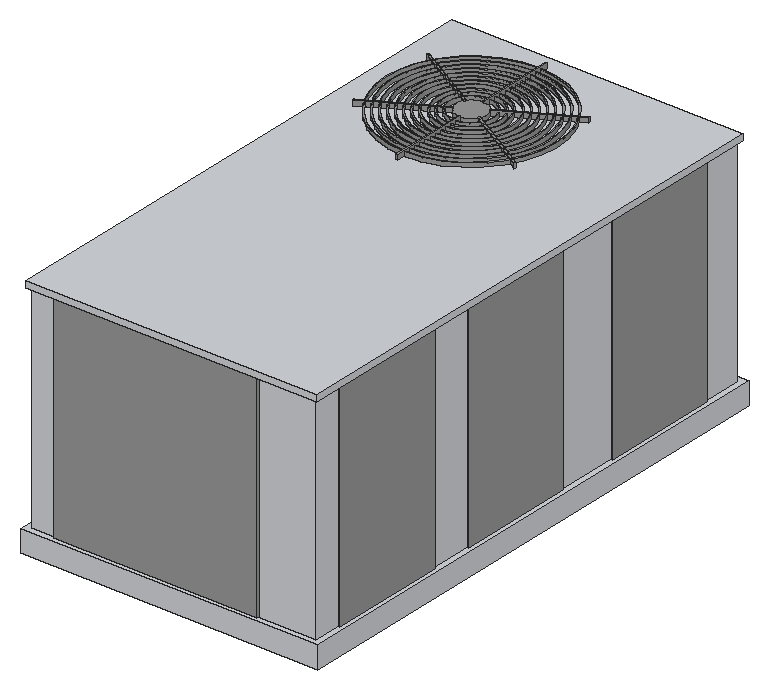
Revit family "RTU-2", category Mechanical Equipment, host Face, Revit 2025
Family settings
  Host = Face
  Round Connector Dimension = Use Diameter
  Classification = None
  Part Type = Normal
  Cut with Voids When Loaded = No
  Maintain Annotation Orientation = No
  Shared = No
  Room Calculation Point = No
Parameters (values of type "LCH 072 H4E E 1Y")
  Width = 47"
  URL = "https://tech.lennoxintl.com/C03e7o14l/VIu12Ch2uV/ehb_lch_abox_2103.pdf"
  Model = "LCH 072 H4E E 1Y"
  Manufacturer = "LENNOX"
  Length = 85 1/4"
  Grill Material = Steel, Paint Finish, Dark Gray
  Default Elevation = 48"
Reference planes (in)
  plane 1 "Center (Front/Back)": y = 0
  plane 2: z = 0
  plane 3 "Center (Left/Right)": x = 0
  plane 4: x = -30.90625
  plane 5: x = -31.90625
  plane 6: x = -32.90625
  plane 7: x = -33.90625
  plane 8: x = -34.90625
  plane 9: x = -35.90625
  plane 10: x = -36.90625
  plane 11: x = -37.90625
  plane 12: x = -38.90625
  plane 13: x = -39.90625
  plane 14: x = -40.90625
  plane 15: x = -42.34375
  plane 16: x = -41.03125
  plane 17: x = -41.90625
  plane 18: x = -41.90567
  plane 19: y = 22.75058
  plane 20: y = 21.75058
  plane 21: y = 20.75058
  plane 22: y = 19.75058
  plane 23: y = 18.75058
  plane 24: y = 17.75058
  plane 25: y = 16.75058
  plane 26: y = 15.75058
  plane 27: y = 14.75058
  plane 28: y = 13.75058
  plane 29: y = 12.75058
  plane 30: y = 11.31308
  plane 31: y = 12.62558
  plane 32: y = 11.75058
  plane 33: y = 11.75117
  plane 34: through (-19.01548, 19.50279, 94.70355) normal (0.866, 0.5, 0)
  plane 35: through (-17.13782, 18.87558, 94.70355) normal (-0.866, -0.5, 0)
  plane 36: through (6.39048, 19.50279, 94.70355) normal (0.866, -0.5, 0)
  plane 37: through (4.51282, 18.87558, 94.70355) normal (-0.866, 0.5, 0)
  plane 38: y = 38.93808
  plane 39: y = 37.62558
  plane 40: through (-19.01548, 30.74838, 94.70355) normal (-0.866, 0.5, 0)
  plane 41: through (-17.13782, 31.37558, 94.70355) normal (0.866, -0.5, 0)
  plane 42: through (6.39048, 30.74838, 94.70355) normal (-0.866, -0.5, 0)
  plane 43: through (4.51282, 31.37558, 94.70355) normal (0.866, 0.5, 0)
  plane 44: through (-34.15405, 50.35923, 110.75) normal (0.5, -0.866, 0)
  plane 45: through (-34.78125, 48.48157, 110.75) normal (-0.5, 0.866, 0)
  plane 46: through (-34.15405, 24.95327, 110.75) normal (-0.5, -0.866, 0)
  plane 47: through (-34.78125, 26.83093, 110.75) normal (0.5, 0.866, 0)
  plane 48: x = -14.71875
  plane 49: x = -16.03125
  plane 50: through (-22.90845, 50.35923, 110.75) normal (0.5, 0.866, 0)
  plane 51: through (-22.28125, 48.48157, 110.75) normal (-0.5, -0.866, 0)
  plane 52: through (-22.90845, 24.95327, 110.75) normal (-0.5, 0.866, 0)
  plane 53: through (-22.28125, 26.83093, 110.75) normal (0.5, -0.866, 0)
  plane 54: y = 16.875
  plane 55: x = 14
  plane 56: y = -16.125
  plane 57: x = 16.875
  plane 58: y = -0.75
  plane 59: x = -8.5
  plane 60: y = -32.875
  plane 61: x = -4
Forms (in)
  Extrusion 1, solid
    sketch origin (0, 0, 0) x (1, 0, 0) y (0, 1, 0)
      loop
        line (-23.5, 42.625) -> (-23.5, -42.625) -> (23.5, -42.625) -> (23.5, 42.625) -> (-23.5, 42.625)
    from 0 to 3.5
  Extrusion 2, solid, material "Steel, Paint Finish, Dark Gray" <- "Grill Material", not visible
    sketch origin (0, 0, 54.625) x (1, 0, 0) y (0, 1, 0)
      loop
        circle (-28.53125, 37.65625) r 2.375
      loop
        circle (-28.53125, 37.65625) r 3.375
      loop
        circle (-28.53125, 37.65625) r 3.5
      loop
        circle (-28.53125, 37.65625) r 4.375
      loop
        circle (-28.53125, 37.65625) r 5.25
      loop
        circle (-28.53125, 37.65625) r 4.5
      loop
        circle (-28.53125, 37.65625) r 5.375
      loop
        circle (-28.53125, 37.65625) r 6.375
      loop
        circle (-28.53125, 37.65625) r 7.375
      loop
        circle (-28.53125, 37.65625) r 9.375
      loop
        circle (-28.53125, 37.65625) r 10.375
      loop
        circle (-28.53125, 37.65625) r 11.375
      loop
        circle (-28.53125, 37.65625) r 12.375
      loop
        circle (-28.53125, 37.65625) r 12.5
      loop
        circle (-28.53125, 37.65625) r 7.5
      loop
        circle (-28.53125, 37.65625) r 9.5
      loop
        circle (-28.53125, 37.65625) r 10.5
      loop
        circle (-28.53125, 37.65625) r 11.5
      loop
        circle (-28.53125, 37.65625) r 8.375
      loop
        circle (-28.53125, 37.65625) r 8.5
      loop
        circle (-28.53125, 37.65625) r 6.5
      loop
        circle (-28.53125, 37.65625) r 13.375
      loop
        circle (-28.53125, 37.65625) r 13.5
    from 0 to 0.625
  Extrusion 3, solid, material "Steel, Paint Finish, Dark Gray" <- "Grill Material", not visible
    sketch origin (0, 0, 55.75) x (1, 0, 0) y (0, 1, 0)
      loop
        line (-43.28067, 37.78125) -> (-43.28067, 37.53125) -> (-30.90296, 37.53125)
        arc (-30.90296, 37.53125) -> (-30.90543, 37.59373) -> (-30.90625, 37.65625) r 2.375
        arc (-30.90625, 37.65625) -> (-30.90543, 37.71877) -> (-30.90296, 37.78125) r 2.375
        line (-30.90296, 37.78125) -> (-43.28067, 37.78125)
    from -1.125 to -0.3427
  Extrusion 4, solid, material "Steel, Paint Finish, Dark Gray" <- "Grill Material"
    sketch origin (31.34375, 53.65683, 38.57855) x (0, 1, 0) y (-1, 0, 0)
      loop
        circle (-28.53125, 37.65625) r 2.375
      loop
        circle (-28.53125, 37.65625) r 3.375
      loop
        circle (-28.53125, 37.65625) r 3.5
      loop
        circle (-28.53125, 37.65625) r 4.375
      loop
        circle (-28.53125, 37.65625) r 5.25
      loop
        circle (-28.53125, 37.65625) r 4.5
      loop
        circle (-28.53125, 37.65625) r 5.375
      loop
        circle (-28.53125, 37.65625) r 6.375
      loop
        circle (-28.53125, 37.65625) r 7.375
      loop
        circle (-28.53125, 37.65625) r 9.375
      loop
        circle (-28.53125, 37.65625) r 10.375
      loop
        circle (-28.53125, 37.65625) r 11.375
      loop
        circle (-28.53125, 37.65625) r 12.375
      loop
        circle (-28.53125, 37.65625) r 12.5
      loop
        circle (-28.53125, 37.65625) r 7.5
      loop
        circle (-28.53125, 37.65625) r 9.5
      loop
        circle (-28.53125, 37.65625) r 10.5
      loop
        circle (-28.53125, 37.65625) r 11.5
      loop
        circle (-28.53125, 37.65625) r 8.375
      loop
        circle (-28.53125, 37.65625) r 8.5
      loop
        circle (-28.53125, 37.65625) r 6.5
      loop
        circle (-28.53125, 37.65625) r 13.375
      loop
        circle (-28.53125, 37.65625) r 13.5
    from 0 to 0.625
  Extrusion 5, solid, material "Steel, Paint Finish, Dark Gray" <- "Grill Material"
    sketch origin (31.34375, 53.65683, 39.70355) x (0, 1, 0) y (-1, 0, 0)
      loop
        line (-43.28067, 37.78125) -> (-43.28067, 37.53125) -> (-30.90296, 37.53125)
        arc (-30.90296, 37.53125) -> (-30.90543, 37.59373) -> (-30.90625, 37.65625) r 2.375
        arc (-30.90625, 37.65625) -> (-30.90543, 37.71877) -> (-30.90296, 37.78125) r 2.375
        line (-30.90296, 37.78125) -> (-43.28067, 37.78125)
    from -1.125 to -0.3427
  Extrusion 6, solid, material "Steel, Paint Finish, Dark Gray" <- "Grill Material"
    sketch origin (37.22441, 6.77994, 39.70355) x (0.866025, 0.5, 0) y (-0.5, 0.866025, 0)
      loop
        line (-43.28067, 37.78125) -> (-43.28067, 37.53125) -> (-30.90296, 37.53125)
        arc (-30.90296, 37.53125) -> (-30.90543, 37.59373) -> (-30.90625, 37.65625) r 2.375
        arc (-30.90625, 37.65625) -> (-30.90543, 37.71877) -> (-30.90296, 37.78125) r 2.375
        line (-30.90296, 37.78125) -> (-43.28067, 37.78125)
    from -1.125 to -0.3427
  Extrusion 7, solid, material "Steel, Paint Finish, Dark Gray" <- "Grill Material"
    sketch origin (-49.84941, 6.77994, 39.70355) x (-0.866025, 0.5, 0) y (-0.5, -0.866025, 0)
      loop
        line (-43.28067, -37.78125) -> (-30.90296, -37.78125)
        arc (-30.90296, -37.78125) -> (-30.90543, -37.71877) -> (-30.90625, -37.65625) r 2.375
        arc (-30.90625, -37.65625) -> (-30.90543, -37.59373) -> (-30.90296, -37.53125) r 2.375
        line (-30.90296, -37.53125) -> (-43.28067, -37.53125) -> (-43.28067, -37.78125)
    from -1.125 to -0.3427
  Extrusion 8, solid, material "Steel, Paint Finish, Dark Gray" <- "Grill Material"
    sketch origin (31.34375, -3.40567, 39.70355) x (0, -1, 0) y (1, 0, 0)
      loop
        line (-43.28067, -37.78125) -> (-30.90296, -37.78125)
        arc (-30.90296, -37.78125) -> (-30.90543, -37.71877) -> (-30.90625, -37.65625) r 2.375
        arc (-30.90625, -37.65625) -> (-30.90543, -37.59373) -> (-30.90296, -37.53125) r 2.375
        line (-30.90296, -37.53125) -> (-43.28067, -37.53125) -> (-43.28067, -37.78125)
    from -1.125 to -0.3427
  Extrusion 9, solid, material "Steel, Paint Finish, Dark Gray" <- "Grill Material"
    sketch origin (37.22441, 43.47123, 39.70355) x (0.866025, -0.5, 0) y (0.5, 0.866025, 0)
      loop
        line (-43.28067, -37.78125) -> (-30.90296, -37.78125)
        arc (-30.90296, -37.78125) -> (-30.90543, -37.71877) -> (-30.90625, -37.65625) r 2.375
        arc (-30.90625, -37.65625) -> (-30.90543, -37.59373) -> (-30.90296, -37.53125) r 2.375
        line (-30.90296, -37.53125) -> (-43.28067, -37.53125) -> (-43.28067, -37.78125)
    from -1.125 to -0.3427
  Extrusion 10, solid, material "Steel, Paint Finish, Dark Gray" <- "Grill Material"
    sketch origin (-49.84941, 43.47123, 39.70355) x (-0.866025, -0.5, 0) y (0.5, -0.866025, 0)
      loop
        line (-43.28067, 37.78125) -> (-43.28067, 37.53125) -> (-30.90296, 37.53125)
        arc (-30.90296, 37.53125) -> (-30.90543, 37.59373) -> (-30.90625, 37.65625) r 2.375
        arc (-30.90625, 37.65625) -> (-30.90543, 37.71877) -> (-30.90296, 37.78125) r 2.375
        line (-30.90296, 37.78125) -> (-43.28067, 37.78125)
    from -1.125 to -0.3427
  Extrusion 11, solid, material "Steel, Paint Finish, Dark Gray" <- "Grill Material", not visible
    sketch origin (-46.87689, -5.88066, 55.75) x (0.5, -0.866025, 0) y (0.866025, 0.5, 0)
      loop
        line (-43.28067, 37.78125) -> (-43.28067, 37.53125) -> (-30.90296, 37.53125)
        arc (-30.90296, 37.53125) -> (-30.90543, 37.59373) -> (-30.90625, 37.65625) r 2.375
        arc (-30.90625, 37.65625) -> (-30.90543, 37.71877) -> (-30.90296, 37.78125) r 2.375
        line (-30.90296, 37.78125) -> (-43.28067, 37.78125)
    from -1.125 to -0.3427
  Extrusion 12, solid, material "Steel, Paint Finish, Dark Gray" <- "Grill Material", not visible
    sketch origin (-46.87689, 81.19316, 55.75) x (0.5, 0.866025, 0) y (-0.866025, 0.5, 0)
      loop
        line (-43.28067, -37.78125) -> (-30.90296, -37.78125)
        arc (-30.90296, -37.78125) -> (-30.90543, -37.71877) -> (-30.90625, -37.65625) r 2.375
        arc (-30.90625, -37.65625) -> (-30.90543, -37.59373) -> (-30.90296, -37.53125) r 2.375
        line (-30.90296, -37.53125) -> (-43.28067, -37.53125) -> (-43.28067, -37.78125)
    from -1.125 to -0.3427
  Extrusion 13, solid, material "Steel, Paint Finish, Dark Gray" <- "Grill Material", not visible
    sketch origin (-57.0625, 0, 55.75) x (-1, 0, 0) y (0, -1, 0)
      loop
        line (-43.28067, -37.78125) -> (-30.90296, -37.78125)
        arc (-30.90296, -37.78125) -> (-30.90543, -37.71877) -> (-30.90625, -37.65625) r 2.375
        arc (-30.90625, -37.65625) -> (-30.90543, -37.59373) -> (-30.90296, -37.53125) r 2.375
        line (-30.90296, -37.53125) -> (-43.28067, -37.53125) -> (-43.28067, -37.78125)
    from -1.125 to -0.3427
  Extrusion 14, solid, material "Steel, Paint Finish, Dark Gray" <- "Grill Material", not visible
    sketch origin (-10.18561, -5.88066, 55.75) x (-0.5, -0.866025, 0) y (0.866025, -0.5, 0)
      loop
        line (-43.28067, -37.78125) -> (-30.90296, -37.78125)
        arc (-30.90296, -37.78125) -> (-30.90543, -37.71877) -> (-30.90625, -37.65625) r 2.375
        arc (-30.90625, -37.65625) -> (-30.90543, -37.59373) -> (-30.90296, -37.53125) r 2.375
        line (-30.90296, -37.53125) -> (-43.28067, -37.53125) -> (-43.28067, -37.78125)
    from -1.125 to -0.3427
  Extrusion 15, solid, material "Steel, Paint Finish, Dark Gray" <- "Grill Material", not visible
    sketch origin (-10.18561, 81.19316, 55.75) x (-0.5, 0.866025, 0) y (-0.866025, -0.5, 0)
      loop
        line (-43.28067, 37.78125) -> (-43.28067, 37.53125) -> (-30.90296, 37.53125)
        arc (-30.90296, 37.53125) -> (-30.90543, 37.59373) -> (-30.90625, 37.65625) r 2.375
        arc (-30.90625, 37.65625) -> (-30.90543, 37.71877) -> (-30.90296, 37.78125) r 2.375
        line (-30.90296, 37.78125) -> (-43.28067, 37.78125)
    from -1.125 to -0.3427
  Extrusion 16, solid
    sketch origin (0, 0, 0) x (1, 0, 0) y (0, 1, 0)
      loop
        line (-22.5, 41.625) -> (-22.5, -41.625) -> (22.5, -41.625) -> (22.5, 41.625) -> (-22.5, 41.625)
    from 3.5 to 37.57855
  Extrusion 17, void
    sketch origin (0, 0, 0) x (1, 0, 0) y (0, 1, 0)
      loop
        line (-18.5, 7.125) -> (-18.5, -10.875) -> (1.5, -10.875) -> (1.5, 7.125) -> (-18.5, 7.125)
      loop
        line (-19, -27.375) -> (-19, -38.375) -> (11, -38.375) -> (11, -27.375) -> (-19, -27.375)
      loop
        arc (13.5, 20.875) -> (12.79289, 20.58211) -> (12.5, 19.875) r 1
        line (12.5, 19.875) -> (12.5, 13.875)
        arc (12.5, 13.875) -> (12.79289, 13.16789) -> (13.5, 12.875) r 1
        line (13.5, 12.875) -> (14.5, 12.875)
        arc (14.5, 12.875) -> (15.20711, 13.16789) -> (15.5, 13.875) r 1
        line (15.5, 13.875) -> (15.5, 19.875)
        arc (15.5, 19.875) -> (15.20711, 20.58211) -> (14.5, 20.875) r 1
        line (14.5, 20.875) -> (13.5, 20.875)
      loop
        circle (16.875, -16.125) r 1
    from 0 to 3.5
  Extrusion 18, solid
    sketch origin (0, 0, 0) x (1, 0, 0) y (0, 1, 0)
      loop
        line (-23, 42.125) -> (-23, -42.125) -> (23, -42.125) -> (23, 42.125) -> (-23, 42.125)
    from 37.57855 to 38.57855
  Extrusion 19, void
    sketch origin (0, 0, 0) x (0, 1, 0) y (0, 0, 1)
      loop
        line (39.875, 37.57855) -> (10.75738, 37.57855) -> (10.75738, 3.5) -> (39.875, 3.5) -> (39.875, 37.57855)
    from -23.5 to -21.24899
Cuts and joins
  Extrusion 17, Extrusion 19 cuts Extrusion 1
  Extrusion 17, Extrusion 19 cuts Extrusion 16
  Extrusion 19 cuts Extrusion 18
Dimensions and locks (in)
  equal spacing: Extrusion 1 sketch curve, plane 1 "Center (Front/Back)", Extrusion 1 sketch curve
  equal spacing: Extrusion 1 sketch curve, plane 3 "Center (Left/Right)", Extrusion 1 sketch curve
  "Width": Extrusion 1 sketch curve to Extrusion 1 sketch curve
  "Length": Extrusion 1 sketch curve to Extrusion 1 sketch curve
  Extrusion 1 to Extrusion 17 sketch curve = 4 1/4"
  Extrusion 1 to Extrusion 17 sketch curve = 4 1/2"
  Extrusion 1 to Extrusion 17 sketch curve = 5"
  Extrusion 1 to plane 54 = 25 3/4"
  plane 55 to Extrusion 1 = 9 1/2"
  plane 57 to Extrusion 1 = 6 5/8"
  plane 56 to Extrusion 1 = 26 1/2"
  nested 5 to level = 5 1/2"
  nested 5 to Extrusion 18 = 2"
  nested 6 to nested 5 = 18 3/8"
  cut or joined group of Extrusion 16, Extrusion 17, Extrusion 19 to cut or joined group of Extrusion 16, Extrusion 17, Extrusion 19 = 29.11762"
  equal spacing: group 3, group 4, group 5, group 6, group 7, group 8, group 9, group 10, group 11, group 12, group 13, group 14, group 15, group 16, group 17, group 18, group 19, group 20, group 21  (x2)
  equal spacing: group 21, group 20, group 19, group 18, group 17, group 16, group 15, group 14, group 13, group 12, group 11, group 10, group 9, group 8, group 7, group 6, group 5, group 4, group 3
  equal spacing: cut or joined group of Extrusion 1, Extrusion 17, Extrusion 19, plane 60, cut or joined group of Extrusion 1, Extrusion 17, Extrusion 19
  equal spacing: cut or joined group of Extrusion 1, Extrusion 17, Extrusion 19, plane 61, cut or joined group of Extrusion 1, Extrusion 17, Extrusion 19
  aligned and locked: plane 2 to host face
  aligned and locked: level to host face
Automatic sketch dimensions
  host sketch curve to host sketch curve = 96"  (x2)
  Extrusion 4 sketch curve to Extrusion 4 sketch curve = 0"  (x297)
  Extrusion 5 sketch curve to Extrusion 5 sketch curve = 2.37171"
  Extrusion 6 sketch curve to Extrusion 6 sketch curve = 2.37171"
  Extrusion 6 sketch curve to plane 34 = 0.93692"
  Extrusion 7 sketch curve to Extrusion 7 sketch curve = 2.37171"
  Extrusion 7 sketch curve to Extrusion 7 sketch curve = 0"  (x3)
  Extrusion 7 sketch curve to plane 36 = 0.93692"
  Extrusion 7 sketch curve to Extrusion 7 sketch curve = 1/8"
  Extrusion 8 sketch curve to Extrusion 8 sketch curve = 2.37171"
  Extrusion 8 sketch curve to plane 38 = 0.93692"
  Extrusion 9 sketch curve to Extrusion 9 sketch curve = 2.37171"
  Extrusion 9 sketch curve to Extrusion 9 sketch curve = 0"  (x3)
  Extrusion 9 sketch curve to plane 40 = 0.93692"
  Extrusion 9 sketch curve to Extrusion 9 sketch curve = 1/8"
  Extrusion 10 sketch curve to Extrusion 10 sketch curve = 2.37171"
  Extrusion 10 sketch curve to plane 42 = 0.93692"
  Extrusion 2 sketch curve to Extrusion 2 sketch curve = 0"  (x297)
  Extrusion 3 sketch curve to Extrusion 3 sketch curve = 2.37171"
  Extrusion 4 sketch curve to plane 19 = 2 3/8"
  Extrusion 5 sketch curve to Extrusion 5 sketch curve = 0"  (x3)
  Extrusion 5 sketch curve to plane 31 = 10.12829"
  Extrusion 6 sketch curve to Extrusion 6 sketch curve = 0"  (x3)
  Extrusion 6 sketch curve to plane 35 = 10.12829"
  Extrusion 6 sketch curve to Extrusion 6 sketch curve = 1/8"
  Extrusion 7 sketch curve to plane 37 = 10.12829"
  Extrusion 8 sketch curve to Extrusion 8 sketch curve = 0"  (x4)
  Extrusion 8 sketch curve to plane 39 = 10.12829"
  Extrusion 9 sketch curve to plane 41 = 10.12829"
  Extrusion 10 sketch curve to Extrusion 10 sketch curve = 0"  (x3)
  Extrusion 10 sketch curve to plane 43 = 10.12829"
  Extrusion 10 sketch curve to Extrusion 10 sketch curve = 1/8"
  Extrusion 5 sketch curve to plane 30 = 0.93692"
  Extrusion 5 sketch curve to Extrusion 5 sketch curve = 1/8"
  plane 33 to Extrusion 6 sketch curve = 5.89145"
  plane 33 to Extrusion 7 sketch curve = 12.29681"
  Extrusion 8 sketch curve to Extrusion 8 sketch curve = 1/8"
  plane 33 to Extrusion 9 sketch curve = 14.45202"
  plane 33 to Extrusion 10 sketch curve = 20.85738"
  Extrusion 2 sketch curve to plane 4 = 2 3/8"
  Extrusion 3 sketch curve to Extrusion 3 sketch curve = 0"  (x3)
  Extrusion 3 sketch curve to plane 16 = 10.12829"
  Extrusion 11 sketch curve to Extrusion 11 sketch curve = 0"  (x3)
  Extrusion 11 sketch curve to plane 45 = 10.12829"
  Extrusion 11 sketch curve to Extrusion 11 sketch curve = 1/8"
  Extrusion 12 sketch curve to Extrusion 12 sketch curve = 0"  (x2)
  Extrusion 12 sketch curve to plane 47 = 10.12829"
  Extrusion 13 sketch curve to Extrusion 13 sketch curve = 0"  (x4)
  Extrusion 13 sketch curve to plane 49 = 10.12829"
  Extrusion 14 sketch curve to Extrusion 14 sketch curve = 0"  (x2)
  Extrusion 14 sketch curve to plane 51 = 10.12829"
  Extrusion 15 sketch curve to Extrusion 15 sketch curve = 0"  (x3)
  Extrusion 15 sketch curve to plane 53 = 10.12829"
  Extrusion 15 sketch curve to Extrusion 15 sketch curve = 1/8"
  Extrusion 3 sketch curve to plane 15 = 0.93692"
  Extrusion 3 sketch curve to Extrusion 3 sketch curve = 1/8"
  plane 18 to Extrusion 11 sketch curve = 5.89145"
  plane 18 to Extrusion 12 sketch curve = 12.29681"
  Extrusion 13 sketch curve to Extrusion 13 sketch curve = 1/8"
  plane 18 to Extrusion 14 sketch curve = 14.45202"
  plane 18 to Extrusion 15 sketch curve = 20.85738"
  Extrusion 16 sketch curve to plane 3 "Center (Left/Right)" = 22 1/2"
  plane 3 "Center (Left/Right)" to Extrusion 16 sketch curve = 22 1/2"
  plane 1 "Center (Front/Back)" to Extrusion 16 sketch curve = 41 5/8"
  plane 33 to Extrusion 16 sketch curve = 29.87383"
  Extrusion 17 sketch curve to plane 56 = 0"
  Extrusion 17 sketch curve to plane 57 = 0"
  plane 3 "Center (Left/Right)" to Extrusion 17 sketch curve = 1 1/2"
  Extrusion 17 sketch curve to plane 55 = 3"
  Extrusion 17 sketch curve to plane 55 = 1 1/2"
  Extrusion 17 sketch curve to plane 55 = 1/2"  (x2)
  plane 55 to Extrusion 17 sketch curve = 1/2"  (x2)
  Extrusion 17 sketch curve to Extrusion 17 sketch curve = 1"
  Extrusion 17 sketch curve to plane 56 = 11 1/4"
  plane 56 to Extrusion 17 sketch curve = 5 1/4"
  Extrusion 17 sketch curve to plane 33 = 4.62617"
  plane 33 to Extrusion 17 sketch curve = 1.12383"
  plane 54 to Extrusion 17 sketch curve = 3"
  Extrusion 18 sketch curve to plane 3 "Center (Left/Right)" = 23"
  plane 3 "Center (Left/Right)" to Extrusion 18 sketch curve = 23"
  plane 1 "Center (Front/Back)" to Extrusion 18 sketch curve = 42 1/8"
  plane 33 to Extrusion 18 sketch curve = 30.37383"
  Extrusion 19 sketch curve to plane 33 = 0.99379"
  level to Extrusion 19 sketch curve = 3 1/2"
  plane 33 to Extrusion 19 sketch curve = 28.12383"
  Extrusion 19 sketch curve to Extrusion 19 sketch curve = 34.07855"
  radius of Extrusion 4 sketch curve = 2 3/8"
  radius of Extrusion 4 sketch curve = 3 3/8"
  radius of Extrusion 4 sketch curve = 3 1/2"
  radius of Extrusion 4 sketch curve = 4 3/8"
  radius of Extrusion 4 sketch curve = 5 1/4"
  radius of Extrusion 4 sketch curve = 4 1/2"
  radius of Extrusion 4 sketch curve = 5 3/8"
  radius of Extrusion 4 sketch curve = 6 3/8"
  radius of Extrusion 4 sketch curve = 7 3/8"
  radius of Extrusion 4 sketch curve = 9 3/8"
  radius of Extrusion 4 sketch curve = 10 3/8"
  radius of Extrusion 4 sketch curve = 11 3/8"
  radius of Extrusion 4 sketch curve = 12 3/8"
  radius of Extrusion 4 sketch curve = 12 1/2"
  radius of Extrusion 4 sketch curve = 7 1/2"
  radius of Extrusion 4 sketch curve = 9 1/2"
  radius of Extrusion 4 sketch curve = 10 1/2"
  radius of Extrusion 4 sketch curve = 11 1/2"
  radius of Extrusion 4 sketch curve = 8 3/8"
  radius of Extrusion 4 sketch curve = 8 1/2"
  radius of Extrusion 4 sketch curve = 6 1/2"
  radius of Extrusion 4 sketch curve = 13 3/8"
  radius of Extrusion 4 sketch curve = 13 1/2"
  radius of Extrusion 2 sketch curve = 2 3/8"
  radius of Extrusion 2 sketch curve = 3 3/8"
  radius of Extrusion 2 sketch curve = 3 1/2"
  radius of Extrusion 2 sketch curve = 4 3/8"
  radius of Extrusion 2 sketch curve = 5 1/4"
  radius of Extrusion 2 sketch curve = 4 1/2"
  radius of Extrusion 2 sketch curve = 5 3/8"
  radius of Extrusion 2 sketch curve = 6 3/8"
  radius of Extrusion 2 sketch curve = 7 3/8"
  radius of Extrusion 2 sketch curve = 9 3/8"
  radius of Extrusion 2 sketch curve = 10 3/8"
  radius of Extrusion 2 sketch curve = 11 3/8"
  radius of Extrusion 2 sketch curve = 12 3/8"
  radius of Extrusion 2 sketch curve = 12 1/2"
  radius of Extrusion 2 sketch curve = 7 1/2"
  radius of Extrusion 2 sketch curve = 9 1/2"
  radius of Extrusion 2 sketch curve = 10 1/2"
  radius of Extrusion 2 sketch curve = 11 1/2"
  radius of Extrusion 2 sketch curve = 8 3/8"
  radius of Extrusion 2 sketch curve = 8 1/2"
  radius of Extrusion 2 sketch curve = 6 1/2"
  radius of Extrusion 2 sketch curve = 13 3/8"
  radius of Extrusion 2 sketch curve = 13 1/2"
  radius of Extrusion 17 sketch curve = 1"
Nested families (in)
  nested 1: "Panel" at (22.5, -27.875, 20.53928) x (0, 1, 0) z (1, 0, 0), type "Panel"
    with Width 18 3/4", Length 34.07855"
  nested 2: "Panel" at (22.5, -2.4375, 20.53928) x (0, 1, 0) z (1, 0, 0), type "Panel"
    with Width 18 3/4", Length 34.07855"
  nested 3: "Panel" at (22.5, 26.0625, 20.53928) x (0, 1, 0) z (1, 0, 0), type "Panel"
    with Width 18 3/4", Length 34.07855"
  nested 4: "Panel" at (-2.71875, -41.625, 20.53928) x (-1, 0, 0) z (0, -1, 0), type "Panel"
    with Width 32 3/16", Length 34.07855"
  nested 5: "Panel" at (-22.5, -34.625, 20) x (0, 1, 0) z (-1, 0, 0), type "Panel"
    with Width 11", Length 29"
  nested 6: "Panel" at (-22.5, -1, 15.5) x (0, 1, 0) z (-1, 0, 0), type "Panel"
    with Width 19 1/2", Length 20"
  nested 7: "Family1" at (-21.5, 39.875, 35.95355) x (0, -1, 0) z (-1, 0, 0), type "Family1"
    with Space 233/256", built-in parameter 1001306 2.4792 (stored number, unit not read), Count 32
  nested 8: "Family1" at (-21.5, 39.875, 34.20355) x (0, -1, 0) z (-1, 0, 0), type "Family1"
    with Space 233/256", built-in parameter 1001306 2.4792 (stored number, unit not read), Count 32
  nested 9: "Family1" at (-21.5, 39.875, 32.45355) x (0, -1, 0) z (-1, 0, 0), type "Family1"
    with Space 233/256", built-in parameter 1001306 2.4792 (stored number, unit not read), Count 32
  nested 10: "Family1" at (-21.5, 39.875, 30.70355) x (0, -1, 0) z (-1, 0, 0), type "Family1"
    with Space 233/256", built-in parameter 1001306 2.4792 (stored number, unit not read), Count 32
  nested 11: "Family1" at (-21.5, 39.875, 28.95355) x (0, -1, 0) z (-1, 0, 0), type "Family1"
    with Space 233/256", built-in parameter 1001306 2.4792 (stored number, unit not read), Count 32
  nested 12: "Family1" at (-21.5, 39.875, 27.20355) x (0, -1, 0) z (-1, 0, 0), type "Family1"
    with Space 233/256", built-in parameter 1001306 2.4792 (stored number, unit not read), Count 32
  nested 13: "Family1" at (-21.5, 39.875, 25.45355) x (0, -1, 0) z (-1, 0, 0), type "Family1"
    with Space 233/256", built-in parameter 1001306 2.4792 (stored number, unit not read), Count 32
  nested 14: "Family1" at (-21.5, 39.875, 23.70355) x (0, -1, 0) z (-1, 0, 0), type "Family1"
    with Space 233/256", built-in parameter 1001306 2.4792 (stored number, unit not read), Count 32
  nested 15: "Family1" at (-21.5, 39.875, 21.95355) x (0, -1, 0) z (-1, 0, 0), type "Family1"
    with Space 233/256", built-in parameter 1001306 2.4792 (stored number, unit not read), Count 32
  nested 16: "Family1" at (-21.5, 39.875, 20.20355) x (0, -1, 0) z (-1, 0, 0), type "Family1"
    with Space 233/256", built-in parameter 1001306 2.4792 (stored number, unit not read), Count 32
  nested 17: "Family1" at (-21.5, 39.875, 18.45355) x (0, -1, 0) z (-1, 0, 0), type "Family1"
    with Space 233/256", built-in parameter 1001306 2.4792 (stored number, unit not read), Count 32
  nested 18: "Family1" at (-21.5, 39.875, 16.70355) x (0, -1, 0) z (-1, 0, 0), type "Family1"
    with Space 233/256", built-in parameter 1001306 2.4792 (stored number, unit not read), Count 32
  nested 19: "Family1" at (-21.5, 39.875, 14.95355) x (0, -1, 0) z (-1, 0, 0), type "Family1"
    with Space 233/256", built-in parameter 1001306 2.4792 (stored number, unit not read), Count 32
  nested 20: "Family1" at (-21.5, 39.875, 13.20355) x (0, -1, 0) z (-1, 0, 0), type "Family1"
    with Space 233/256", built-in parameter 1001306 2.4792 (stored number, unit not read), Count 32
  nested 21: "Family1" at (-21.5, 39.875, 11.45355) x (0, -1, 0) z (-1, 0, 0), type "Family1"
    with Space 233/256", built-in parameter 1001306 2.4792 (stored number, unit not read), Count 32
  nested 22: "Family1" at (-21.5, 39.875, 9.70355) x (0, -1, 0) z (-1, 0, 0), type "Family1"
    with Space 233/256", built-in parameter 1001306 2.4792 (stored number, unit not read), Count 32
  nested 23: "Family1" at (-21.5, 39.875, 7.95355) x (0, -1, 0) z (-1, 0, 0), type "Family1"
    with Space 233/256", built-in parameter 1001306 2.4792 (stored number, unit not read), Count 32
  nested 24: "Family1" at (-21.5, 39.875, 6.20355) x (0, -1, 0) z (-1, 0, 0), type "Family1"
    with Space 233/256", built-in parameter 1001306 2.4792 (stored number, unit not read), Count 32
  nested 25: "Family1" at (-21.5, 39.875, 4.45355) x (0, -1, 0) z (-1, 0, 0), type "Family1"
    with Space 233/256", built-in parameter 1001306 2.4792 (stored number, unit not read), Count 32
Connectors (in)
  hvac at (-8.5, -1.875, 3.5)
    settings: on cut or joined group of Extrusion 1, Extrusion 17, Extrusion 19, index 1, duct flow 0 CFM, flow factor 0, pres drop 0.00 in-wg, loss coef 0, conn angle 0.00°, conn width 20", conn height 18", conn diameter 24", duct sys type 1, conn prof type 1, flow config 0, flow direction 0, loss method 0, conn ref index -1, conn util no, is conn primary yes, conn desc "supply"
  hvac at (-4, -32.875, 3.5)
    settings: on cut or joined group of Extrusion 1, Extrusion 17, Extrusion 19, index 2, duct flow 0 CFM, flow factor 0, pres drop 0.00 in-wg, loss coef 0, conn angle 0.00°, conn width 30", conn height 11", conn diameter 24", duct sys type 2, conn prof type 1, flow config 0, flow direction 0, loss method 0, conn ref index -1, conn util no, is conn primary no, conn desc "return"
Definition of nested family "Panel"
  Parameters (values of type "Panel")
    Width [instance] = 21 9/16"
    Material = none
    Length [instance] = 49 7/16"
    Default Elevation = 48"
  Reference planes (in)
    plane 1 "Center (Front/Back)": y = 0
    plane 2: z = 0
    plane 3 "Center (Left/Right)": x = 0
    plane 4: z = 0.25
    plane 5: x = -10.78125
    plane 6: x = 10.78125
    plane 7: y = 24.71875
    plane 8: y = -24.71875
  Forms (in)
    Extrusion 1, solid
      sketch origin (0, 0, 0) x (1, 0, 0) y (0, 1, 0)
        loop
          line (-48, 48) -> (-48, -48) -> (48, -48) -> (48, 48) -> (-48, 48)
      from 0 to -12
    Extrusion 2, solid, material <- "Material"
      sketch origin (0, 0, 0) x (1, 0, 0) y (0, 1, 0)
        loop
          line (-10.78125, 24.71875) -> (-10.78125, -24.71875) -> (10.78125, -24.71875) -> (10.78125, 24.71875) -> (-10.78125, 24.71875)
      from 0 to 0.25
  Dimensions and locks (in)
    plane 4 to plane 2 = 1/4"
    equal spacing: plane 5, plane 3 "Center (Left/Right)", plane 6
    equal spacing: plane 7, plane 1 "Center (Front/Back)", plane 8
    "Length": plane 7 to plane 8
    "Width": plane 5 to plane 6
    aligned and locked: plane 2 to Extrusion 1
    aligned and locked: level to Extrusion 1
    aligned and locked: plane 4 to Extrusion 2
    aligned and locked: Extrusion 2 to plane 6
    aligned and locked: Extrusion 2 to plane 5
    aligned and locked: plane 8 to Extrusion 2
    aligned and locked: plane 7 to Extrusion 2
  Automatic sketch dimensions
    Extrusion 1 sketch curve to Extrusion 1 sketch curve = 96"  (x2)
    plane 5 to Extrusion 2 sketch curve = 0"
    Extrusion 2 sketch curve to plane 6 = 0"
    plane 1 "Center (Front/Back)" to Extrusion 2 sketch curve = 24 23/32"
    Extrusion 2 sketch curve to plane 1 "Center (Front/Back)" = 24 23/32"
Definition of nested family "Family1"
  Parameters (values of type "Family1")
    Space [instance] = 233/256"
    built-in parameter 1001306 [instance] = 51"
    Depth = 1"
    Default Elevation = 0"
    Count [instance] = rounddown([built-in parameter 1001306] / Space)  # 56
  Reference planes (in)
    plane 1 "Center (Front/Back)": y = 0
    plane 2: z = 0
    plane 3 "Left": x = 0
    plane 4 "Right": x = 51
    plane 5: y = 1.25
    plane 6: x = 0.45496
    plane 7: z = 1
    plane 8: y = 1.25
    plane 9: x = 1.36489
    plane 10: y = 1.25
    plane 11: x = 2.27481
    plane 12: y = 1.25
    plane 13: x = 3.18474
    plane 14: x = 0.90993
    plane 15: y = 1.25
    plane 16: x = 4.09467
    plane 17: y = 1.25
    plane 18: x = 5.00459
    plane 19: y = 1.25
    plane 20: x = 5.91452
    plane 21: y = 1.25
    plane 22: x = 6.82444
    plane 23: y = 1.25
    plane 24: x = 7.73437
    plane 25: y = 1.25
    plane 26: x = 8.64429
    plane 27: y = 1.25
    plane 28: x = 9.55422
    plane 29: y = 1.25
    plane 30: x = 10.46414
    plane 31: y = 1.25
    plane 32: x = 11.37407
    plane 33: y = 1.25
    plane 34: x = 12.284
    plane 35: y = 1.25
    plane 36: x = 13.19392
    plane 37: y = 1.25
    plane 38: x = 14.10385
    plane 39: y = 1.25
    plane 40: x = 15.01377
    plane 41: y = 1.25
    plane 42: x = 15.9237
    plane 43: y = 1.25
    plane 44: x = 16.83362
    plane 45: y = 1.25
    plane 46: x = 17.74355
    plane 47: y = 1.25
    plane 48: x = 18.65347
    plane 49: y = 1.25
    plane 50: x = 19.5634
    plane 51: y = 1.25
    plane 52: x = 20.47333
    plane 53: y = 1.25
    plane 54: x = 21.38325
    plane 55: y = 1.25
    plane 56: x = 22.29318
    plane 57: y = 1.25
    plane 58: x = 23.2031
    plane 59: y = 1.25
    plane 60: x = 24.11303
    plane 61: y = 1.25
    plane 62: x = 25.02295
    plane 63: y = 1.25
    plane 64: x = 25.93288
    plane 65: y = 1.25
    plane 66: x = 26.8428
    plane 67: y = 1.25
    plane 68: x = 27.75273
    plane 69: y = 1.25
    plane 70: x = 28.66266
    plane 71: y = 1.25
    plane 72: x = 29.57258
    plane 73: y = 1.25
    plane 74: x = 30.48251
    plane 75: y = 1.25
    plane 76: x = 31.39243
    plane 77: y = 1.25
    plane 78: x = 32.30236
    plane 79: y = 1.25
    plane 80: x = 33.21228
    plane 81: y = 1.25
    plane 82: x = 34.12221
    plane 83: y = 1.25
    plane 84: x = 35.03214
    plane 85: y = 1.25
    plane 86: x = 35.94206
    plane 87: y = 1.25
    plane 88: x = 36.85199
    plane 89: y = 1.25
    plane 90: x = 37.76191
    plane 91: y = 1.25
    plane 92: x = 38.67184
    plane 93: y = 1.25
    plane 94: x = 39.58176
    plane 95: y = 1.25
    plane 96: x = 40.49169
    plane 97: y = 1.25
    plane 98: x = 41.40161
    plane 99: y = 1.25
    plane 100: x = 42.31154
    plane 101: y = 1.25
    plane 102: x = 43.22147
    plane 103: y = 1.25
    plane 104: x = 44.13139
    plane 105: y = 1.25
    plane 106: x = 45.04132
    plane 107: y = 1.25
    plane 108: x = 45.95124
    plane 109: y = 1.25
    plane 110: x = 46.86117
    plane 111: y = 1.25
    plane 112: x = 47.77109
    plane 113: y = 1.25
    plane 114: x = 48.68102
    plane 115: y = 1.25
    plane 116: x = 49.59094
    plane 117: y = 1.25
    plane 118: x = 50.50087
  Forms (in)
    Extrusion 1, solid
      sketch origin (0, 0, 0) x (1, 0, 0) y (0, 1, 0)
        loop
          line (0, 0) -> (0.06651, 0) -> (0.45496, 1.06726) -> (0.84341, 0) -> (0.90993, 0) -> (0.45496, 1.25) -> (0, 0)
      from 0 to 1
    Extrusion 2, solid
      sketch origin (0.90993, 0, 0) x (1, 0, 0) y (0, 1, 0)
        loop
          line (0, 0) -> (0.06651, 0) -> (0.45496, 1.06726) -> (0.84341, 0) -> (0.90993, 0) -> (0.45496, 1.25) -> (0, 0)
      from 0 to 1
    Extrusion 3, solid
      sketch origin (1.81985, 0, 0) x (1, 0, 0) y (0, 1, 0)
        loop
          line (0, 0) -> (0.06651, 0) -> (0.45496, 1.06726) -> (0.84341, 0) -> (0.90993, 0) -> (0.45496, 1.25) -> (0, 0)
      from 0 to 1
    Extrusion 4, solid
      sketch origin (2.72978, 0, 0) x (1, 0, 0) y (0, 1, 0)
        loop
          line (0, 0) -> (0.06651, 0) -> (0.45496, 1.06726) -> (0.84341, 0) -> (0.90993, 0) -> (0.45496, 1.25) -> (0, 0)
      from 0 to 1
    Extrusion 5, solid
      sketch origin (3.6397, 0, 0) x (1, 0, 0) y (0, 1, 0)
        loop
          line (0, 0) -> (0.06651, 0) -> (0.45496, 1.06726) -> (0.84341, 0) -> (0.90993, 0) -> (0.45496, 1.25) -> (0, 0)
      from 0 to 1
    Extrusion 6, solid
      sketch origin (4.54963, 0, 0) x (1, 0, 0) y (0, 1, 0)
        loop
          line (0, 0) -> (0.06651, 0) -> (0.45496, 1.06726) -> (0.84341, 0) -> (0.90993, 0) -> (0.45496, 1.25) -> (0, 0)
      from 0 to 1
    Extrusion 7, solid
      sketch origin (5.45955, 0, 0) x (1, 0, 0) y (0, 1, 0)
        loop
          line (0, 0) -> (0.06651, 0) -> (0.45496, 1.06726) -> (0.84341, 0) -> (0.90993, 0) -> (0.45496, 1.25) -> (0, 0)
      from 0 to 1
    Extrusion 8, solid
      sketch origin (6.36948, 0, 0) x (1, 0, 0) y (0, 1, 0)
        loop
          line (0, 0) -> (0.06651, 0) -> (0.45496, 1.06726) -> (0.84341, 0) -> (0.90993, 0) -> (0.45496, 1.25) -> (0, 0)
      from 0 to 1
    Extrusion 9, solid
      sketch origin (7.2794, 0, 0) x (1, 0, 0) y (0, 1, 0)
        loop
          line (0, 0) -> (0.06651, 0) -> (0.45496, 1.06726) -> (0.84341, 0) -> (0.90993, 0) -> (0.45496, 1.25) -> (0, 0)
      from 0 to 1
    Extrusion 10, solid
      sketch origin (8.18933, 0, 0) x (1, 0, 0) y (0, 1, 0)
        loop
          line (0, 0) -> (0.06651, 0) -> (0.45496, 1.06726) -> (0.84341, 0) -> (0.90993, 0) -> (0.45496, 1.25) -> (0, 0)
      from 0 to 1
    Extrusion 11, solid
      sketch origin (9.09926, 0, 0) x (1, 0, 0) y (0, 1, 0)
        loop
          line (0, 0) -> (0.06651, 0) -> (0.45496, 1.06726) -> (0.84341, 0) -> (0.90993, 0) -> (0.45496, 1.25) -> (0, 0)
      from 0 to 1
    Extrusion 12, solid
      sketch origin (10.00918, 0, 0) x (1, 0, 0) y (0, 1, 0)
        loop
          line (0, 0) -> (0.06651, 0) -> (0.45496, 1.06726) -> (0.84341, 0) -> (0.90993, 0) -> (0.45496, 1.25) -> (0, 0)
      from 0 to 1
    Extrusion 13, solid
      sketch origin (10.91911, 0, 0) x (1, 0, 0) y (0, 1, 0)
        loop
          line (0, 0) -> (0.06651, 0) -> (0.45496, 1.06726) -> (0.84341, 0) -> (0.90993, 0) -> (0.45496, 1.25) -> (0, 0)
      from 0 to 1
    Extrusion 14, solid
      sketch origin (11.82903, 0, 0) x (1, 0, 0) y (0, 1, 0)
        loop
          line (0, 0) -> (0.06651, 0) -> (0.45496, 1.06726) -> (0.84341, 0) -> (0.90993, 0) -> (0.45496, 1.25) -> (0, 0)
      from 0 to 1
    Extrusion 15, solid
      sketch origin (12.73896, 0, 0) x (1, 0, 0) y (0, 1, 0)
        loop
          line (0, 0) -> (0.06651, 0) -> (0.45496, 1.06726) -> (0.84341, 0) -> (0.90993, 0) -> (0.45496, 1.25) -> (0, 0)
      from 0 to 1
    Extrusion 16, solid
      sketch origin (13.64888, 0, 0) x (1, 0, 0) y (0, 1, 0)
        loop
          line (0, 0) -> (0.06651, 0) -> (0.45496, 1.06726) -> (0.84341, 0) -> (0.90993, 0) -> (0.45496, 1.25) -> (0, 0)
      from 0 to 1
    Extrusion 17, solid
      sketch origin (14.55881, 0, 0) x (1, 0, 0) y (0, 1, 0)
        loop
          line (0, 0) -> (0.06651, 0) -> (0.45496, 1.06726) -> (0.84341, 0) -> (0.90993, 0) -> (0.45496, 1.25) -> (0, 0)
      from 0 to 1
    Extrusion 18, solid
      sketch origin (15.46873, 0, 0) x (1, 0, 0) y (0, 1, 0)
        loop
          line (0, 0) -> (0.06651, 0) -> (0.45496, 1.06726) -> (0.84341, 0) -> (0.90993, 0) -> (0.45496, 1.25) -> (0, 0)
      from 0 to 1
    Extrusion 19, solid
      sketch origin (16.37866, 0, 0) x (1, 0, 0) y (0, 1, 0)
        loop
          line (0, 0) -> (0.06651, 0) -> (0.45496, 1.06726) -> (0.84341, 0) -> (0.90993, 0) -> (0.45496, 1.25) -> (0, 0)
      from 0 to 1
    Extrusion 20, solid
      sketch origin (17.28859, 0, 0) x (1, 0, 0) y (0, 1, 0)
        loop
          line (0, 0) -> (0.06651, 0) -> (0.45496, 1.06726) -> (0.84341, 0) -> (0.90993, 0) -> (0.45496, 1.25) -> (0, 0)
      from 0 to 1
    Extrusion 21, solid
      sketch origin (18.19851, 0, 0) x (1, 0, 0) y (0, 1, 0)
        loop
          line (0, 0) -> (0.06651, 0) -> (0.45496, 1.06726) -> (0.84341, 0) -> (0.90993, 0) -> (0.45496, 1.25) -> (0, 0)
      from 0 to 1
    Extrusion 22, solid
      sketch origin (19.10844, 0, 0) x (1, 0, 0) y (0, 1, 0)
        loop
          line (0, 0) -> (0.06651, 0) -> (0.45496, 1.06726) -> (0.84341, 0) -> (0.90993, 0) -> (0.45496, 1.25) -> (0, 0)
      from 0 to 1
    Extrusion 23, solid
      sketch origin (20.01836, 0, 0) x (1, 0, 0) y (0, 1, 0)
        loop
          line (0, 0) -> (0.06651, 0) -> (0.45496, 1.06726) -> (0.84341, 0) -> (0.90993, 0) -> (0.45496, 1.25) -> (0, 0)
      from 0 to 1
    Extrusion 24, solid
      sketch origin (20.92829, 0, 0) x (1, 0, 0) y (0, 1, 0)
        loop
          line (0, 0) -> (0.06651, 0) -> (0.45496, 1.06726) -> (0.84341, 0) -> (0.90993, 0) -> (0.45496, 1.25) -> (0, 0)
      from 0 to 1
    Extrusion 25, solid
      sketch origin (21.83821, 0, 0) x (1, 0, 0) y (0, 1, 0)
        loop
          line (0, 0) -> (0.06651, 0) -> (0.45496, 1.06726) -> (0.84341, 0) -> (0.90993, 0) -> (0.45496, 1.25) -> (0, 0)
      from 0 to 1
    Extrusion 26, solid
      sketch origin (22.74814, 0, 0) x (1, 0, 0) y (0, 1, 0)
        loop
          line (0, 0) -> (0.06651, 0) -> (0.45496, 1.06726) -> (0.84341, 0) -> (0.90993, 0) -> (0.45496, 1.25) -> (0, 0)
      from 0 to 1
    Extrusion 27, solid
      sketch origin (23.65807, 0, 0) x (1, 0, 0) y (0, 1, 0)
        loop
          line (0, 0) -> (0.06651, 0) -> (0.45496, 1.06726) -> (0.84341, 0) -> (0.90993, 0) -> (0.45496, 1.25) -> (0, 0)
      from 0 to 1
    Extrusion 28, solid
      sketch origin (24.56799, 0, 0) x (1, 0, 0) y (0, 1, 0)
        loop
          line (0, 0) -> (0.06651, 0) -> (0.45496, 1.06726) -> (0.84341, 0) -> (0.90993, 0) -> (0.45496, 1.25) -> (0, 0)
      from 0 to 1
    Extrusion 29, solid
      sketch origin (25.47792, 0, 0) x (1, 0, 0) y (0, 1, 0)
        loop
          line (0, 0) -> (0.06651, 0) -> (0.45496, 1.06726) -> (0.84341, 0) -> (0.90993, 0) -> (0.45496, 1.25) -> (0, 0)
      from 0 to 1
    Extrusion 30, solid
      sketch origin (26.38784, 0, 0) x (1, 0, 0) y (0, 1, 0)
        loop
          line (0, 0) -> (0.06651, 0) -> (0.45496, 1.06726) -> (0.84341, 0) -> (0.90993, 0) -> (0.45496, 1.25) -> (0, 0)
      from 0 to 1
    Extrusion 31, solid
      sketch origin (27.29777, 0, 0) x (1, 0, 0) y (0, 1, 0)
        loop
          line (0, 0) -> (0.06651, 0) -> (0.45496, 1.06726) -> (0.84341, 0) -> (0.90993, 0) -> (0.45496, 1.25) -> (0, 0)
      from 0 to 1
    Extrusion 32, solid
      sketch origin (28.20769, 0, 0) x (1, 0, 0) y (0, 1, 0)
        loop
          line (0, 0) -> (0.06651, 0) -> (0.45496, 1.06726) -> (0.84341, 0) -> (0.90993, 0) -> (0.45496, 1.25) -> (0, 0)
      from 0 to 1
    Extrusion 33, solid
      sketch origin (29.11762, 0, 0) x (1, 0, 0) y (0, 1, 0)
        loop
          line (0, 0) -> (0.06651, 0) -> (0.45496, 1.06726) -> (0.84341, 0) -> (0.90993, 0) -> (0.45496, 1.25) -> (0, 0)
      from 0 to 1
    Extrusion 34, solid
      sketch origin (30.02754, 0, 0) x (1, 0, 0) y (0, 1, 0)
        loop
          line (0, 0) -> (0.06651, 0) -> (0.45496, 1.06726) -> (0.84341, 0) -> (0.90993, 0) -> (0.45496, 1.25) -> (0, 0)
      from 0 to 1
    Extrusion 35, solid
      sketch origin (30.93747, 0, 0) x (1, 0, 0) y (0, 1, 0)
        loop
          line (0, 0) -> (0.06651, 0) -> (0.45496, 1.06726) -> (0.84341, 0) -> (0.90993, 0) -> (0.45496, 1.25) -> (0, 0)
      from 0 to 1
    Extrusion 36, solid
      sketch origin (31.8474, 0, 0) x (1, 0, 0) y (0, 1, 0)
        loop
          line (0, 0) -> (0.06651, 0) -> (0.45496, 1.06726) -> (0.84341, 0) -> (0.90993, 0) -> (0.45496, 1.25) -> (0, 0)
      from 0 to 1
    Extrusion 37, solid
      sketch origin (32.75732, 0, 0) x (1, 0, 0) y (0, 1, 0)
        loop
          line (0, 0) -> (0.06651, 0) -> (0.45496, 1.06726) -> (0.84341, 0) -> (0.90993, 0) -> (0.45496, 1.25) -> (0, 0)
      from 0 to 1
    Extrusion 38, solid
      sketch origin (33.66725, 0, 0) x (1, 0, 0) y (0, 1, 0)
        loop
          line (0, 0) -> (0.06651, 0) -> (0.45496, 1.06726) -> (0.84341, 0) -> (0.90993, 0) -> (0.45496, 1.25) -> (0, 0)
      from 0 to 1
    Extrusion 39, solid
      sketch origin (34.57717, 0, 0) x (1, 0, 0) y (0, 1, 0)
        loop
          line (0, 0) -> (0.06651, 0) -> (0.45496, 1.06726) -> (0.84341, 0) -> (0.90993, 0) -> (0.45496, 1.25) -> (0, 0)
      from 0 to 1
    Extrusion 40, solid
      sketch origin (35.4871, 0, 0) x (1, 0, 0) y (0, 1, 0)
        loop
          line (0, 0) -> (0.06651, 0) -> (0.45496, 1.06726) -> (0.84341, 0) -> (0.90993, 0) -> (0.45496, 1.25) -> (0, 0)
      from 0 to 1
    Extrusion 41, solid
      sketch origin (36.39702, 0, 0) x (1, 0, 0) y (0, 1, 0)
        loop
          line (0, 0) -> (0.06651, 0) -> (0.45496, 1.06726) -> (0.84341, 0) -> (0.90993, 0) -> (0.45496, 1.25) -> (0, 0)
      from 0 to 1
    Extrusion 42, solid
      sketch origin (37.30695, 0, 0) x (1, 0, 0) y (0, 1, 0)
        loop
          line (0, 0) -> (0.06651, 0) -> (0.45496, 1.06726) -> (0.84341, 0) -> (0.90993, 0) -> (0.45496, 1.25) -> (0, 0)
      from 0 to 1
    Extrusion 43, solid
      sketch origin (38.21687, 0, 0) x (1, 0, 0) y (0, 1, 0)
        loop
          line (0, 0) -> (0.06651, 0) -> (0.45496, 1.06726) -> (0.84341, 0) -> (0.90993, 0) -> (0.45496, 1.25) -> (0, 0)
      from 0 to 1
    Extrusion 44, solid
      sketch origin (39.1268, 0, 0) x (1, 0, 0) y (0, 1, 0)
        loop
          line (0, 0) -> (0.06651, 0) -> (0.45496, 1.06726) -> (0.84341, 0) -> (0.90993, 0) -> (0.45496, 1.25) -> (0, 0)
      from 0 to 1
    Extrusion 45, solid
      sketch origin (40.03673, 0, 0) x (1, 0, 0) y (0, 1, 0)
        loop
          line (0, 0) -> (0.06651, 0) -> (0.45496, 1.06726) -> (0.84341, 0) -> (0.90993, 0) -> (0.45496, 1.25) -> (0, 0)
      from 0 to 1
    Extrusion 46, solid
      sketch origin (40.94665, 0, 0) x (1, 0, 0) y (0, 1, 0)
        loop
          line (0, 0) -> (0.06651, 0) -> (0.45496, 1.06726) -> (0.84341, 0) -> (0.90993, 0) -> (0.45496, 1.25) -> (0, 0)
      from 0 to 1
    Extrusion 47, solid
      sketch origin (41.85658, 0, 0) x (1, 0, 0) y (0, 1, 0)
        loop
          line (0, 0) -> (0.06651, 0) -> (0.45496, 1.06726) -> (0.84341, 0) -> (0.90993, 0) -> (0.45496, 1.25) -> (0, 0)
      from 0 to 1
    Extrusion 48, solid
      sketch origin (42.7665, 0, 0) x (1, 0, 0) y (0, 1, 0)
        loop
          line (0, 0) -> (0.06651, 0) -> (0.45496, 1.06726) -> (0.84341, 0) -> (0.90993, 0) -> (0.45496, 1.25) -> (0, 0)
      from 0 to 1
    Extrusion 49, solid
      sketch origin (43.67643, 0, 0) x (1, 0, 0) y (0, 1, 0)
        loop
          line (0, 0) -> (0.06651, 0) -> (0.45496, 1.06726) -> (0.84341, 0) -> (0.90993, 0) -> (0.45496, 1.25) -> (0, 0)
      from 0 to 1
    Extrusion 50, solid
      sketch origin (44.58635, 0, 0) x (1, 0, 0) y (0, 1, 0)
        loop
          line (0, 0) -> (0.06651, 0) -> (0.45496, 1.06726) -> (0.84341, 0) -> (0.90993, 0) -> (0.45496, 1.25) -> (0, 0)
      from 0 to 1
    Extrusion 51, solid
      sketch origin (45.49628, 0, 0) x (1, 0, 0) y (0, 1, 0)
        loop
          line (0, 0) -> (0.06651, 0) -> (0.45496, 1.06726) -> (0.84341, 0) -> (0.90993, 0) -> (0.45496, 1.25) -> (0, 0)
      from 0 to 1
    Extrusion 52, solid
      sketch origin (46.4062, 0, 0) x (1, 0, 0) y (0, 1, 0)
        loop
          line (0, 0) -> (0.06651, 0) -> (0.45496, 1.06726) -> (0.84341, 0) -> (0.90993, 0) -> (0.45496, 1.25) -> (0, 0)
      from 0 to 1
    Extrusion 53, solid
      sketch origin (47.31613, 0, 0) x (1, 0, 0) y (0, 1, 0)
        loop
          line (0, 0) -> (0.06651, 0) -> (0.45496, 1.06726) -> (0.84341, 0) -> (0.90993, 0) -> (0.45496, 1.25) -> (0, 0)
      from 0 to 1
    Extrusion 54, solid
      sketch origin (48.22606, 0, 0) x (1, 0, 0) y (0, 1, 0)
        loop
          line (0, 0) -> (0.06651, 0) -> (0.45496, 1.06726) -> (0.84341, 0) -> (0.90993, 0) -> (0.45496, 1.25) -> (0, 0)
      from 0 to 1
    Extrusion 55, solid
      sketch origin (49.13598, 0, 0) x (1, 0, 0) y (0, 1, 0)
        loop
          line (0, 0) -> (0.06651, 0) -> (0.45496, 1.06726) -> (0.84341, 0) -> (0.90993, 0) -> (0.45496, 1.25) -> (0, 0)
      from 0 to 1
    Extrusion 56, solid
      sketch origin (50.04591, 0, 0) x (1, 0, 0) y (0, 1, 0)
        loop
          line (0, 0) -> (0.06651, 0) -> (0.45496, 1.06726) -> (0.84341, 0) -> (0.90993, 0) -> (0.45496, 1.25) -> (0, 0)
      from 0 to 1
  Lines and regions (in)
    reference lines
      curve 1: line (0, 0, 0) -> (51, 0, 0)
  Dimensions and locks (in)
    "built-in parameter 1001306": plane 3 "Left" to plane 4 "Right"
    "Depth": plane 7 to plane 2
    equal spacing: group 1, group 2, group 3, group 4, group 5, group 6, group 7, group 8, group 9, group 10, group 11, group 12, group 13, group 14, group 15, group 16, group 17, group 18, group 19, group 20, group 21, group 22, group 23, group 24, group 25, group 26, group 27, group 28, group 29, group 30, group 31, group 32, group 33, group 34, group 35, group 36, group 37, group 38, group 39, group 40, group 41, group 42, group 43, group 44, group 45, group 46, group 47, group 48, group 49, group 50, group 51, group 52, group 53, group 54, group 55, group 56  (x3)
    plane 3 "Left" to plane 14 = 0.90993"
    aligned and locked: plane 4 "Right" to curve 1
    aligned and locked: plane 1 "Center (Front/Back)" to curve 1
    aligned and locked: plane 3 "Left" to curve 1
    aligned and locked: level to plane 2
    aligned and locked: plane 7 to Extrusion 1
  Automatic sketch dimensions
    Extrusion 1 sketch curve to plane 5 = 0"
    Extrusion 1 sketch curve to plane 6 = 0"  (x2)
    Extrusion 1 sketch curve to plane 5 = 0.18274"
    Extrusion 1 sketch curve to Extrusion 1 sketch curve = 0.06651"  (x2)
    plane 6 to Extrusion 1 sketch curve = 0.45496"
    Extrusion 1 sketch curve to plane 6 = 0.38845"
    Extrusion 1 sketch curve to Extrusion 1 sketch curve = 1.06726"
    Extrusion 1 sketch curve to Extrusion 1 sketch curve = 0"
    Extrusion 2 sketch curve to plane 8 = 0"
    Extrusion 2 sketch curve to plane 9 = 0"  (x2)
    Extrusion 2 sketch curve to plane 8 = 0.18274"
    Extrusion 2 sketch curve to Extrusion 2 sketch curve = 0.06651"  (x2)
    plane 9 to Extrusion 2 sketch curve = 0.45496"
    Extrusion 2 sketch curve to plane 9 = 0.38845"
    Extrusion 2 sketch curve to Extrusion 2 sketch curve = 1.06726"
    Extrusion 2 sketch curve to Extrusion 2 sketch curve = 0"
    Extrusion 3 sketch curve to plane 10 = 0"
    Extrusion 3 sketch curve to plane 11 = 0"  (x2)
    Extrusion 3 sketch curve to plane 10 = 0.18274"
    Extrusion 3 sketch curve to Extrusion 3 sketch curve = 0.06651"  (x2)
    plane 11 to Extrusion 3 sketch curve = 0.45496"
    Extrusion 3 sketch curve to plane 11 = 0.38845"
    Extrusion 3 sketch curve to Extrusion 3 sketch curve = 1.06726"
    Extrusion 3 sketch curve to Extrusion 3 sketch curve = 0"
    Extrusion 4 sketch curve to plane 12 = 0"
    Extrusion 4 sketch curve to plane 13 = 0"  (x2)
    Extrusion 4 sketch curve to plane 12 = 0.18274"
    Extrusion 4 sketch curve to Extrusion 4 sketch curve = 0.06651"  (x2)
    plane 13 to Extrusion 4 sketch curve = 0.45496"
    Extrusion 4 sketch curve to plane 13 = 0.38845"
    Extrusion 4 sketch curve to Extrusion 4 sketch curve = 1.06726"
    Extrusion 4 sketch curve to Extrusion 4 sketch curve = 0"
    Extrusion 5 sketch curve to plane 15 = 0"
    Extrusion 5 sketch curve to plane 16 = 0"  (x2)
    Extrusion 5 sketch curve to plane 15 = 0.18274"
    Extrusion 5 sketch curve to Extrusion 5 sketch curve = 0.06651"  (x2)
    plane 16 to Extrusion 5 sketch curve = 0.45496"
    Extrusion 5 sketch curve to plane 16 = 0.38845"
    Extrusion 5 sketch curve to Extrusion 5 sketch curve = 1.06726"
    Extrusion 5 sketch curve to Extrusion 5 sketch curve = 0"
    Extrusion 6 sketch curve to plane 17 = 0"
    Extrusion 6 sketch curve to plane 18 = 0"  (x2)
    Extrusion 6 sketch curve to plane 17 = 0.18274"
    Extrusion 6 sketch curve to Extrusion 6 sketch curve = 0.06651"  (x2)
    plane 18 to Extrusion 6 sketch curve = 0.45496"
    Extrusion 6 sketch curve to plane 18 = 0.38845"
    Extrusion 6 sketch curve to Extrusion 6 sketch curve = 1.06726"
    Extrusion 6 sketch curve to Extrusion 6 sketch curve = 0"
    Extrusion 7 sketch curve to plane 19 = 0"
    Extrusion 7 sketch curve to plane 20 = 0"  (x2)
    Extrusion 7 sketch curve to plane 19 = 0.18274"
    Extrusion 7 sketch curve to Extrusion 7 sketch curve = 0.06651"  (x2)
    plane 20 to Extrusion 7 sketch curve = 0.45496"
    Extrusion 7 sketch curve to plane 20 = 0.38845"
    Extrusion 7 sketch curve to Extrusion 7 sketch curve = 1.06726"
    Extrusion 7 sketch curve to Extrusion 7 sketch curve = 0"
    Extrusion 8 sketch curve to plane 21 = 0"
    Extrusion 8 sketch curve to plane 22 = 0"  (x2)
    Extrusion 8 sketch curve to plane 21 = 0.18274"
    Extrusion 8 sketch curve to Extrusion 8 sketch curve = 0.06651"  (x2)
    plane 22 to Extrusion 8 sketch curve = 0.45496"
    Extrusion 8 sketch curve to plane 22 = 0.38845"
    Extrusion 8 sketch curve to Extrusion 8 sketch curve = 1.06726"
    Extrusion 8 sketch curve to Extrusion 8 sketch curve = 0"
    Extrusion 9 sketch curve to plane 23 = 0"
    Extrusion 9 sketch curve to plane 24 = 0"  (x2)
    Extrusion 9 sketch curve to plane 23 = 0.18274"
    Extrusion 9 sketch curve to Extrusion 9 sketch curve = 0.06651"  (x2)
    plane 24 to Extrusion 9 sketch curve = 0.45496"
    Extrusion 9 sketch curve to plane 24 = 0.38845"
    Extrusion 9 sketch curve to Extrusion 9 sketch curve = 1.06726"
    Extrusion 9 sketch curve to Extrusion 9 sketch curve = 0"
    Extrusion 10 sketch curve to plane 25 = 0"
    Extrusion 10 sketch curve to plane 26 = 0"  (x2)
    Extrusion 10 sketch curve to plane 25 = 0.18274"
    Extrusion 10 sketch curve to Extrusion 10 sketch curve = 0.06651"  (x2)
    plane 26 to Extrusion 10 sketch curve = 0.45496"
    Extrusion 10 sketch curve to plane 26 = 0.38845"
    Extrusion 10 sketch curve to Extrusion 10 sketch curve = 1.06726"
    Extrusion 10 sketch curve to Extrusion 10 sketch curve = 0"
    Extrusion 11 sketch curve to plane 27 = 0"
    Extrusion 11 sketch curve to plane 28 = 0"  (x2)
    Extrusion 11 sketch curve to plane 27 = 0.18274"
    Extrusion 11 sketch curve to Extrusion 11 sketch curve = 0.06651"  (x2)
    plane 28 to Extrusion 11 sketch curve = 0.45496"
    Extrusion 11 sketch curve to plane 28 = 0.38845"
    Extrusion 11 sketch curve to Extrusion 11 sketch curve = 1.06726"
    Extrusion 11 sketch curve to Extrusion 11 sketch curve = 0"
    Extrusion 12 sketch curve to plane 29 = 0"
    Extrusion 12 sketch curve to plane 30 = 0"  (x2)
    Extrusion 12 sketch curve to plane 29 = 0.18274"
    Extrusion 12 sketch curve to Extrusion 12 sketch curve = 0.06651"  (x2)
    plane 30 to Extrusion 12 sketch curve = 0.45496"
    Extrusion 12 sketch curve to plane 30 = 0.38845"
    Extrusion 12 sketch curve to Extrusion 12 sketch curve = 1.06726"
    Extrusion 12 sketch curve to Extrusion 12 sketch curve = 0"
    Extrusion 13 sketch curve to plane 31 = 0"
    Extrusion 13 sketch curve to plane 32 = 0"  (x2)
    Extrusion 13 sketch curve to plane 31 = 0.18274"
    Extrusion 13 sketch curve to Extrusion 13 sketch curve = 0.06651"  (x2)
    plane 32 to Extrusion 13 sketch curve = 0.45496"
    Extrusion 13 sketch curve to plane 32 = 0.38845"
    Extrusion 13 sketch curve to Extrusion 13 sketch curve = 1.06726"
    Extrusion 13 sketch curve to Extrusion 13 sketch curve = 0"
    Extrusion 14 sketch curve to plane 33 = 0"
    Extrusion 14 sketch curve to plane 34 = 0"  (x2)
    Extrusion 14 sketch curve to plane 33 = 0.18274"
    Extrusion 14 sketch curve to Extrusion 14 sketch curve = 0.06651"  (x2)
    plane 34 to Extrusion 14 sketch curve = 0.45496"
    Extrusion 14 sketch curve to plane 34 = 0.38845"
    Extrusion 14 sketch curve to Extrusion 14 sketch curve = 1.06726"
    Extrusion 14 sketch curve to Extrusion 14 sketch curve = 0"
    Extrusion 15 sketch curve to plane 35 = 0"
    Extrusion 15 sketch curve to plane 36 = 0"  (x2)
    Extrusion 15 sketch curve to plane 35 = 0.18274"
    Extrusion 15 sketch curve to Extrusion 15 sketch curve = 0.06651"  (x2)
    plane 36 to Extrusion 15 sketch curve = 0.45496"
    Extrusion 15 sketch curve to plane 36 = 0.38845"
    Extrusion 15 sketch curve to Extrusion 15 sketch curve = 1.06726"
    Extrusion 15 sketch curve to Extrusion 15 sketch curve = 0"
    Extrusion 16 sketch curve to plane 37 = 0"
    Extrusion 16 sketch curve to plane 38 = 0"  (x2)
    Extrusion 16 sketch curve to plane 37 = 0.18274"
    Extrusion 16 sketch curve to Extrusion 16 sketch curve = 0.06651"  (x2)
    plane 38 to Extrusion 16 sketch curve = 0.45496"
    Extrusion 16 sketch curve to plane 38 = 0.38845"
    Extrusion 16 sketch curve to Extrusion 16 sketch curve = 1.06726"
    Extrusion 16 sketch curve to Extrusion 16 sketch curve = 0"
    Extrusion 17 sketch curve to plane 39 = 0"
    Extrusion 17 sketch curve to plane 40 = 0"  (x2)
    Extrusion 17 sketch curve to plane 39 = 0.18274"
